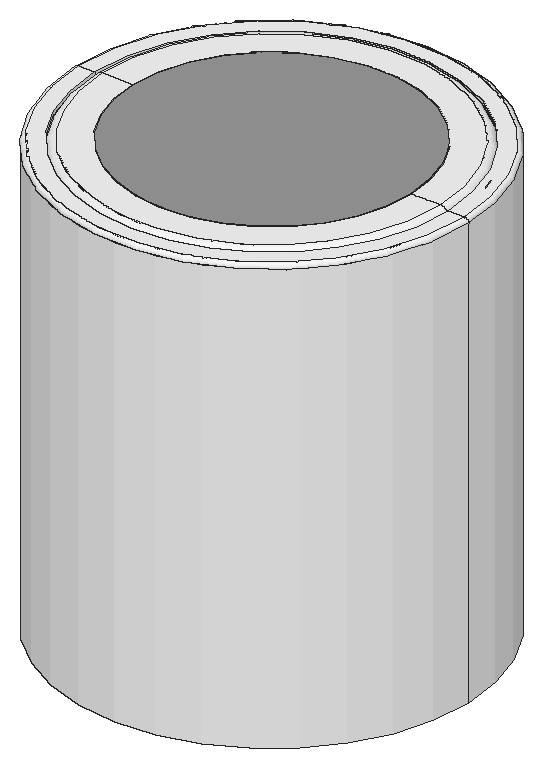
Revit family "3098172 Lighting Fixture_Sylvania_Insaver LED II 150 LO_Surface Mounted", category Lighting Fixtures, host Face, Revit 2017
Family settings
  Host = Face
  Round Connector Dimension = Use Diameter
  Part Type = Normal
  OmniClass Number = 23.80.70.11.17
  OmniClass Title = Specialized Lighting by Location or Use
  Cut with Voids When Loaded = No
  Light Source = Yes
  Shared = No
  Room Calculation Point = No
Parameters (values of type "Insaver LED II 150 Low Output WW DALI Surface Mounted")
  Ta Rating = "0°C to 55°C"  # constant formula
  Reflector Material = Metal_Sylvania_Insaver LED II_Polished
  LOR = "100%"  # constant formula
  IP Rating = "IP23 (44 with accessory)"  # constant formula
  Height = 208.0 mm
  Glare Control = "UGR <19 (using accessory)"  # constant formula
  Energy Class = "A++,A+,A"  # constant formula
  Weight = 0 kg
  Wattage = 17.0103 W
  built-in parameter 1150110 = 1 (stored number, unit not read)
  Voltage Comments = "UNV (Universal Voltage; 220-240 Volt)"  # constant formula
  Voltage = 230 V  # constant formula
  URL = "http://www.sylvania-lighting.com"
  built-in parameter 1114217 = 1 (stored number, unit not read)
  Tilt Angle = -90°
  built-in parameter 1150109 = 1 (stored number, unit not read)
  built-in parameter 1150134 = (empty or 0)
  built-in parameter 1150113 = 1 (stored number, unit not read)
  Product Page URL = "http://www.sylvania-lighting.com/product/en-int/products/3098172"
  Product Family = "INSAVER LED II 150 Surface Mounted"  # constant formula
  Photometry Comments = ""
  Photometric Web File = "3098172_InsaverLEDII150LowOutputWWDALISurfaceMounted-202130.ies"
  Life = "50 000 h"  # constant formula
  Emit from Circle Diameter = Diffuser Diameter  # 133.0 mm
  Emit Shape Visible in Rendering = no
  Drive Current = "700mA"  # constant formula
  Distribution type = "Direct - symmetrical"  # constant formula
  Diffuser Material = Glass_Sylvania_Insaver LED II_3000K
  Diffuser Diameter = Accessory Diameter - 36.0 mm  # 133.0 mm
  Colour consistency (SDCM) = "3 step"  # constant formula
  built-in parameter 1114216 [instance] = 1 (stored number, unit not read)
  Model = "Insaver LED II 150 Low Output WW DALI Surface Mounted"
  Manufacturer = "Feilo Sylvania"
  built-in parameter 1150105 = 1169.2 (stored number, unit not read)
  Lumens = 1650 lm
  built-in parameter 1150115 = 1 (stored number, unit not read)
  built-in parameter 1150137 = (empty or 0)
  built-in parameter 1150139 = (empty or 0)
  built-in parameter 1150112 = 1 (stored number, unit not read)
  built-in parameter 1150114 = 1 (stored number, unit not read)
  Lamp Comments = "Integrated LED"  # constant formula
  Lamp = ""
  built-in parameter 1150132 = 2
  built-in parameter 1150102 = (empty or 0)
  built-in parameter 1150107 = 3000 (stored number, unit not read)
  built-in parameter 1150138 = (empty or 0)
  built-in parameter 1150106 = 11.692 (stored number, unit not read)
  CRI ( Ra ) = 80  # constant formula
  Body Material = Plastic_Sylvania_Insaver LED II_White
  built-in parameter 1150104 = 9.0116 (stored number, unit not read)
  Dimming Lamp Color Temperature Shift = <None>
  Description = "Circular LED downlight with up to 114lm/W efficacy and 2,400 luminaire lumen output. Innovative easy installation system allows for a rapid, single point installation. For 150mm cut outs. IP44 or UGR<19 compliant with additional accessories. 3 hour emergency and surface mounted versions available. Plus3 version includes Wieland GST connector."  # constant formula
  Default Elevation = 0.0 mm
  Color Filter = 16777215
  Catalog Number = "3098172 Insaver LED II 150 Low Output WW DALI Surface Mounted"
  built-in parameter 1140040 [instance] = 1
  Radius = Diameter / 2  # 94.0 mm
  Diameter = 188.0 mm
  Beam Angle = 76°  # constant formula
  built-in parameter 1114218 = 1 (stored number, unit not read)
  built-in parameter 1150133 = 10 (stored number, unit not read)
  Assembly Code = "D5020200"
  Apparent Load Comments = ""
  Apparent Load = 17 VA
  Accessory Radius = Accessory Diameter / 2  # 84.5 mm
  Accessory Material = Plastic_Sylvania_Insaver LED II_White
  Accessory Diameter = Diameter - 19.0 mm  # 169.0 mm
Reference planes
  plane 1 "Center (Front/Back)": y = 0
  plane 2: z = 0
  plane 3 "Center (Left/Right)": x = 0
  plane 4: z = 202
  plane 5 "Fixture Bottom": z = 208
  plane 6: z = 205
  plane 7: z = 9.5
  plane 8: z = 148
Forms (mm)
  Revolve 1, solid, material "Plastic_Sylvania_Insaver LED II_White" <- "Accessory Material", detail levels fine
    sketch origin (0, 0, 206.916) x (1, 0, 0) y (0, 0, 1)
      loop
        line (-84.5, -4.916) -> (-66.5, -4.916) -> (-66.5, 1.084) -> (-80.5, 1.084)
        arc (-80.5, 1.084) -> (-83.328, -0.088) -> (-84.5, -2.916) r 4
        line (-84.5, -2.916) -> (-84.5, -4.916)
      axis (0, 1.084) -> (0, -4.916)
    angle from 0 to 360
  Extrusion 2, solid, material "Glass_Sylvania_Insaver LED II_3000K" <- "Diffuser Material", detail levels fine
    sketch origin (0, 0, 206.916) x (1, 0, 0) y (0, 1, 0)
      loop
        circle (0, 0) r 66.5
    from -4.916 to 1.084
  Extrusion 3, solid, material "Plastic_Sylvania_Insaver LED II_White" <- "Body Material", detail levels fine
    sketch origin (0, 0, 0) x (1, 0, 0) y (0, 1, 0)
      loop
        circle (0, 0) r 94
      loop
        circle (0, 0) r 84.5
    from 0 to 205
  Revolve 4, solid, material "Plastic_Sylvania_Insaver LED II_White" <- "Body Material", detail levels fine
    sketch origin (0, 0, 0) x (1, 0, 0) y (0, 0, 1)
      loop
        line (-94, 205) -> (-84.5, 205) -> (-84.5, 207) -> (-92, 207)
        arc (-92, 207) -> (-93.414, 206.414) -> (-94, 205) r 2
      axis (0, 207) -> (0, 205)
    angle from 0 to 360
  Extrusion 5, solid, material "Plastic_Sylvania_Insaver LED II_White" <- "Body Material", detail levels fine
    sketch origin (0, 0, 0) x (1, 0, 0) y (0, 1, 0)
      loop
        circle (0, 0) r 84.5
    from 0 to 9.5
  Revolve 6, solid, detail levels fine
    sketch origin (0, 0, 0) x (1, 0, 0) y (0, 0, 1)
      loop
        line (0, 148) -> (0, 150)
        arc (0, 150) -> (-48.672, 164.089) -> (-82.291, 202) r 91.113
        line (-82.291, 202) -> (-84.5, 202)
        arc (-84.5, 202) -> (-50.14, 162.653) -> (0, 148) r 93.113
      axis (0, 202) -> (0, 148)
    angle from 0 to 360
  Extrusion 7, solid, material "Plastic_Sylvania_Insaver LED II_White" <- "Body Material", detail levels coarse+medium
    sketch origin (0, 0, 0) x (1, 0, 0) y (0, 1, 0)
      loop
        circle (0, 0) r 94
    from 0 to 208
Cuts and joins
  joined: Extrusion 3, Revolve 4, Extrusion 5
Lines and regions (mm)
  Masking region 1
    outline origin (0, 0, 0) x (1, 0, 0) y (0, 1, 0)
      loop
        circle (0, 0) r 94
  symbolic lines, detail levels fine
    curve 1: arc (66.5, 0, 0) -> (0, 66.5, 0) -> (-66.5, 0, 0) r 66.5
    curve 2: arc (-66.5, 0, 0) -> (0, -66.5, 0) -> (66.5, 0, 0) r 66.5
Dimensions and locks
  locked: Revolve 1 sketch curve to Revolve 1 sketch curve at 18
  "Accessory Radius": plane 3 "Center (Left/Right)" to Revolve 1 sketch curve
  locked: Revolve 1 sketch curve to plane 4 at 2
  plane 5 "Fixture Bottom" to plane 6 to plane 4 to plane 8 = 3.0 mm locked, 3.0 mm locked, 54.0 mm locked
  "Height": plane 5 "Fixture Bottom" to plane 2
  locked: Revolve 4 sketch curve to plane 6 at 2
  locked: plane 7 to plane 2 at 9.5
  "Radius": plane 3 "Center (Left/Right)" to Revolve 4 sketch curve
  locked: Revolve 4 sketch curve to Revolve 4 sketch curve at 9.5
  "Accessory Radius": plane 3 "Center (Left/Right)" to Revolve 6 sketch curve
  locked: Revolve 6 sketch curve to Revolve 6 sketch curve at 2.209
  locked: Revolve 6 sketch curve to plane 8 at 2
  "Diffuser Diameter": diameter of Extrusion 2 sketch curve
  "Diameter": diameter of Extrusion 3 sketch curve
  "Accessory Diameter": diameter of Extrusion 3 sketch curve
  "Accessory Diameter": diameter of Extrusion 5 sketch curve
  "Diameter": diameter of Extrusion 7 sketch curve
  aligned and locked: plane 2 to host face
  aligned and locked: level to host face
  aligned and locked: imposter light to plane 1 "Center (Front/Back)"
  aligned and locked: plane 4 to Revolve 1 sketch curve
  aligned and locked: Revolve 1 sketch curve to plane 3 "Center (Left/Right)"
  aligned and locked: plane 4 to Extrusion 2
  aligned and locked: Extrusion 2 to plane 5 "Fixture Bottom"
  aligned and locked: Extrusion 3 to plane 6
  aligned and locked: Extrusion 3 to plane 2
  aligned and locked: Revolve 4 sketch curve to plane 3 "Center (Left/Right)"
  aligned and locked: plane 5 "Fixture Bottom" to Revolve 1 sketch curve
  aligned and locked: plane 6 to Revolve 4 sketch curve
  aligned and locked: Extrusion 5 to plane 2
  aligned and locked: Extrusion 5 to plane 7
  aligned and locked: imposter light to plane 3 "Center (Left/Right)"
  aligned and locked: imposter light to plane 5 "Fixture Bottom"
  aligned and locked: Revolve 6 sketch curve to imposter light
  aligned and locked: Revolve 6 sketch curve to plane 4
  aligned and locked: imposter light to Revolve 6 sketch curve
  aligned and locked: Extrusion 7 to plane 5 "Fixture Bottom"
  aligned and locked: Extrusion 7 to plane 2
  aligned and locked: Masking region 1 sketch curve to Extrusion 7  (x2)
  aligned and locked: curve 1 to Extrusion 2
  aligned and locked: curve 2 to Extrusion 2
Automatic sketch dimensions
  host sketch curve to host sketch curve = 1040.406 mm
  host sketch curve to host sketch curve = 988.385 mm
  plane 4 to Revolve 1 sketch curve = 23.903 mm
  Revolve 1 sketch curve to plane 5 "Fixture Bottom" = 38.423 mm
  plane 1 "Center (Front/Back)" to Extrusion 2 sketch curve = 0.0 mm
  Extrusion 2 sketch curve to plane 3 "Center (Left/Right)" = 0.0 mm
  Extrusion 3 sketch curve to Extrusion 3 sketch curve = 0.0 mm  (x2)
  plane 1 "Center (Front/Back)" to Extrusion 3 sketch curve = 0.0 mm
  Extrusion 3 sketch curve to plane 3 "Center (Left/Right)" = 0.0 mm
  Revolve 4 sketch curve to plane 5 "Fixture Bottom" = 23.931 mm
  Revolve 4 sketch curve to Revolve 4 sketch curve = 16.615 mm
  plane 1 "Center (Front/Back)" to Extrusion 5 sketch curve = 0.0 mm
  Extrusion 5 sketch curve to plane 3 "Center (Left/Right)" = 0.0 mm
  Revolve 6 sketch curve to Revolve 6 sketch curve = 0.0 mm
  plane 4 to Revolve 6 sketch curve = 22.636 mm
  Revolve 6 sketch curve to Revolve 6 sketch curve = 1.749 mm
  plane 1 "Center (Front/Back)" to Extrusion 7 sketch curve = 0.0 mm
  Extrusion 7 sketch curve to plane 3 "Center (Left/Right)" = 0.0 mm
Connectors
  electrical at (0, 0, 0), driven by "Voltage", driven by "Apparent Load"
    settings: on cut or joined group of Extrusion 3, Revolve 4, Extrusion 5, index 1, voltage 230 V, apparent load 0 VA, apparent load phase1 17 VA, apparent load phase2 0 VA, apparent load phase3 0 VA, power factor 1, load classification "Lighting", number of poles 1, system type 31, power factor state 1, is connector primary yes, connector utility no, sub classification motor no, connector description ""
